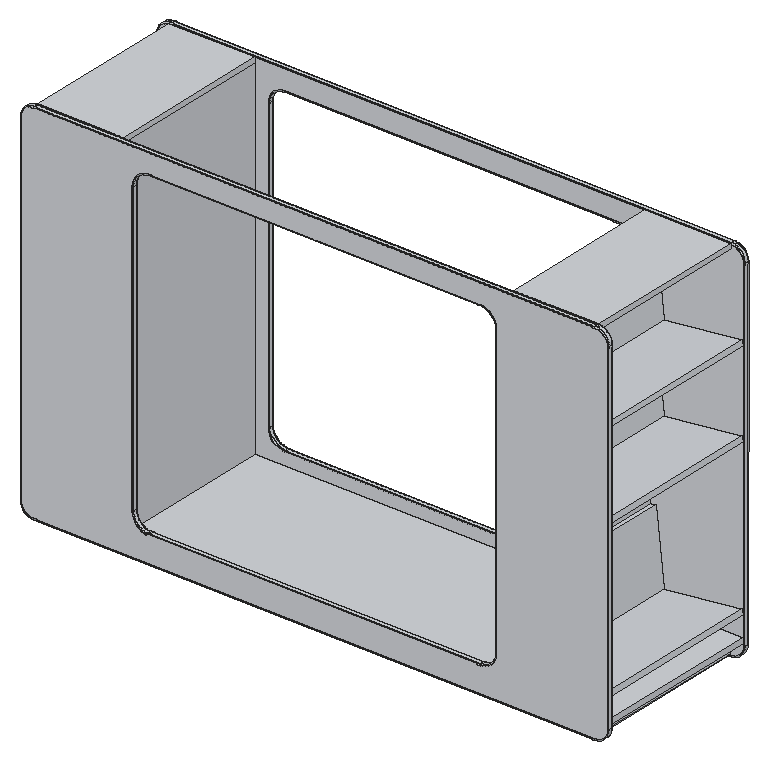
Revit family "PA067", category Furniture Systems, Revit 2019
Family settings
  Round Connector Dimension = Use Diameter
  Part Type = Normal
  Work Plane-Based = No
  Always vertical = Yes
  Cut with Voids When Loaded = No
  Shared = No
  Room Calculation Point = No
Parameters
  URL = "https://fomcore.com/"
  Model = "PA067"
  Manufacturer = "FOMCORE"
  Laminate = none
  Glide = black
  Description = "Nest Series - Nest Enclosure"
Reference planes (in)
  plane 1 "Center F/B": y = 0
  plane 2: z = 0
  plane 3 "Center L/R": x = 0
  plane 4: x = 43.15308
  plane 5: x = -42.92353
  plane 6: y = -12.82906
  plane 7: y = 12.82906
Forms (in)
  Extrusion 1, solid, material <- "Laminate"
    sketch origin (-78.78352, 0, 40.4259) x (1, 0, 0) y (0, 0, 1)
      loop
        line (108.95297, 11.03504) -> (108.20838, 10.94505) -> (108.35337, 9.74485) -> (108.38817, 9.71765) -> (108.66987, 9.75165) -> (108.71237, 9.39987) -> (108.43067, 9.36587) -> (108.40337, 9.33107) -> (109.58079, -0.41298) -> (112.58483, -0.05) -> (112.61212, -0.0152) -> (112.57803, 0.2665) -> (112.92982, 0.309) -> (112.96382, 0.0273) -> (112.99862, 0) -> (120.08933, 0.85681) -> (120.11653, 0.89161) -> (120.08254, 1.17321) -> (120.43432, 1.21581) -> (120.46832, 0.93411) -> (120.50312, 0.90681) -> (121.70332, 1.05181) -> (121.61331, 1.79641) -> (110.23541, 0.42159) -> (108.95297, 11.03504)
    from -12.00007 to 12
  Extrusion 2, solid, material <- "Laminate"
    sketch origin (-78.78352, 0, 27.82748) x (1, 0, 0) y (0, 0, 1)
      loop
        line (108.95297, 11.03504) -> (108.20838, 10.94505) -> (108.35337, 9.74485) -> (108.38817, 9.71765) -> (108.66987, 9.75165) -> (108.71237, 9.39987) -> (108.43067, 9.36587) -> (108.40337, 9.33107) -> (109.58079, -0.41298) -> (112.58483, -0.05) -> (112.61212, -0.0152) -> (112.57803, 0.2665) -> (112.92982, 0.309) -> (112.96382, 0.0273) -> (112.99862, 0) -> (120.08933, 0.85681) -> (120.11653, 0.89161) -> (120.08254, 1.17321) -> (120.43432, 1.21581) -> (120.46832, 0.93411) -> (120.50312, 0.90681) -> (121.70332, 1.05181) -> (121.61331, 1.79641) -> (110.23541, 0.42159) -> (108.95297, 11.03504)
    from -12.00007 to 12
  Extrusion 3, solid, material <- "Laminate"
    sketch origin (-78.78352, 0, 5.15051) x (1, 0, 0) y (0, 0, 1)
      loop
        line (108.95297, 11.03504) -> (108.20838, 10.94505) -> (108.35337, 9.74485) -> (108.38817, 9.71765) -> (108.66987, 9.75165) -> (108.71237, 9.39987) -> (108.43067, 9.36587) -> (108.40337, 9.33107) -> (109.58079, -0.41298) -> (112.58483, -0.05) -> (112.61212, -0.0152) -> (112.57803, 0.2665) -> (112.92982, 0.309) -> (112.96382, 0.0273) -> (112.99862, 0) -> (120.08933, 0.85681) -> (120.11653, 0.89161) -> (120.08254, 1.17321) -> (120.43432, 1.21581) -> (120.46832, 0.93411) -> (120.50312, 0.90681) -> (121.70332, 1.05181) -> (121.61331, 1.79641) -> (110.23541, 0.42159) -> (108.95297, 11.03504)
    from -12.00007 to 12
  Extrusion 4, solid, material <- "Laminate"
    sketch origin (0, 0, 41.29184) x (1, 0, 0) y (0, 0, 1)
      loop
        line (28.60765, 12.20808) -> (28.60765, -40.92373) -> (29.35765, -40.92373) -> (29.35765, 12.20808) -> (28.60765, 12.20808)
    from -12.00007 to 12
  Extrusion 5, solid, material <- "Laminate"
    sketch origin (78.93633, 0, 40.4259) x (-1, 0, 0) y (0, 0, -1)
      loop
        line (108.95297, -11.03504) -> (110.23541, -0.42159) -> (121.61331, -1.79641) -> (121.70332, -1.05181) -> (120.50312, -0.90681) -> (120.46832, -0.93411) -> (120.43432, -1.21581) -> (120.08254, -1.17321) -> (120.11653, -0.89161) -> (120.08933, -0.85681) -> (112.99862, 0) -> (112.96382, -0.0273) -> (112.92982, -0.309) -> (112.57803, -0.2665) -> (112.61212, 0.0152) -> (112.58483, 0.05) -> (109.58079, 0.41298) -> (108.40337, -9.33107) -> (108.43067, -9.36587) -> (108.71237, -9.39987) -> (108.66987, -9.75165) -> (108.38817, -9.71765) -> (108.35337, -9.74485) -> (108.20838, -10.94505) -> (108.95297, -11.03504)
    from -12.00007 to 12
  Extrusion 6, solid, material <- "Laminate"
    sketch origin (78.93633, 0, 27.82748) x (-1, 0, 0) y (0, 0, -1)
      loop
        line (108.95297, -11.03504) -> (110.23541, -0.42159) -> (121.61331, -1.79641) -> (121.70332, -1.05181) -> (120.50312, -0.90681) -> (120.46832, -0.93411) -> (120.43432, -1.21581) -> (120.08254, -1.17321) -> (120.11653, -0.89161) -> (120.08933, -0.85681) -> (112.99862, 0) -> (112.96382, -0.0273) -> (112.92982, -0.309) -> (112.57803, -0.2665) -> (112.61212, 0.0152) -> (112.58483, 0.05) -> (109.58079, 0.41298) -> (108.40337, -9.33107) -> (108.43067, -9.36587) -> (108.71237, -9.39987) -> (108.66987, -9.75165) -> (108.38817, -9.71765) -> (108.35337, -9.74485) -> (108.20838, -10.94505) -> (108.95297, -11.03504)
    from -12.00007 to 12
  Extrusion 7, solid, material <- "Laminate"
    sketch origin (78.93633, 0, 5.15051) x (-1, 0, 0) y (0, 0, -1)
      loop
        line (108.95297, -11.03504) -> (110.23541, -0.42159) -> (121.61331, -1.79641) -> (121.70332, -1.05181) -> (120.50312, -0.90681) -> (120.46832, -0.93411) -> (120.43432, -1.21581) -> (120.08254, -1.17321) -> (120.11653, -0.89161) -> (120.08933, -0.85681) -> (112.99862, 0) -> (112.96382, -0.0273) -> (112.92982, -0.309) -> (112.57803, -0.2665) -> (112.61212, 0.0152) -> (112.58483, 0.05) -> (109.58079, 0.41298) -> (108.40337, -9.33107) -> (108.43067, -9.36587) -> (108.71237, -9.39987) -> (108.66987, -9.75165) -> (108.38817, -9.71765) -> (108.35337, -9.74485) -> (108.20838, -10.94505) -> (108.95297, -11.03504)
    from -12.00007 to 12
  Extrusion 8, solid, material <- "Laminate"
    sketch origin (0.15281, 0, 41.29184) x (-1, 0, 0) y (0, 0, -1)
      loop
        line (28.60765, -12.20808) -> (29.35765, -12.20808) -> (29.35765, 40.92373) -> (28.60765, 40.92373) -> (28.60765, -12.20808)
    from -12.00007 to 12
  Extrusion 9, solid, material <- "Laminate"
    sketch origin (0, 0, 41.29184) x (1, 0, 0) y (0, 0, 1)
      loop
        line (28.58765, 12.95816) -> (28.58765, 12.20816) -> (41.12768, 12.20816) -> (41.12768, 12.95816) -> (28.58765, 12.95816)
    from -12.00007 to 12
  Extrusion 10, solid, material <- "Laminate"
    sketch origin (0.15281, 0, 41.29184) x (-1, 0, 0) y (0, 0, -1)
      loop
        line (28.58765, -12.95816) -> (41.12768, -12.95816) -> (41.12768, -12.20816) -> (28.58765, -12.20816) -> (28.58765, -12.95816)
    from -12.00007 to 12
  Extrusion 11, solid, material <- "Laminate"
    sketch origin (0, 0, 41.29184) x (1, 0, 0) y (0, 0, 1)
      loop
        line (42.98268, -38.04185) -> (29.35765, -38.04185) -> (29.35765, -38.79185) -> (40.23266, -38.79185) -> (40.23266, -40.92373) -> (40.98266, -40.92373) -> (40.98266, -38.79191) -> (42.98268, -38.79191) -> (42.98268, -38.04185)
    from -12.03135 to 12
  Extrusion 12, solid, material <- "Laminate"
    sketch origin (0.15281, 0, 41.29184) x (-1, 0, 0) y (0, 0, -1)
      loop
        line (42.98268, 38.04185) -> (42.98268, 38.79191) -> (40.98266, 38.79191) -> (40.98266, 40.92373) -> (40.23266, 40.92373) -> (40.23266, 38.79185) -> (29.35765, 38.79185) -> (29.35765, 38.04185) -> (42.98268, 38.04185)
    from -12.03135 to 12
  Extrusion 13, solid, material <- "Laminate"
    sketch origin (0, 0, 41.29184) x (1, 0, 0) y (0, 0, 1)
      loop
        line (28.60764, -39.04185) -> (-28.45485, -39.04185) -> (-28.45485, -41.04185) -> (-24.95485, -41.04185) -> (-24.95485, -39.79185) -> (-1.67361, -39.79185) -> (-1.67361, -41.04185) -> (1.8264, -41.04185) -> (1.8264, -39.79185) -> (25.10764, -39.79185) -> (25.10764, -41.04185) -> (28.60764, -41.04185) -> (28.60764, -39.04185)
    from -11.93563 to 12
  Extrusion 14, solid, material <- "Laminate"
    sketch origin (0.07639, -0.03219, -0.11811) x (1, 0, 0) y (0, 0, 1)
      loop
        arc (-42.87517, 2.25) -> (-42.32397, 0.9193) -> (-40.99328, 0.36811) r 1.88189
        line (-40.99328, 0.36811) -> (41.06873, 0.36811)
        arc (41.06873, 0.36811) -> (42.39942, 0.9193) -> (42.95061, 2.25) r 1.88189
        line (42.95061, 2.25) -> (42.95061, 52.375)
        arc (42.95061, 52.375) -> (42.39942, 53.7057) -> (41.06873, 54.25689) r 1.88189
        line (41.06873, 54.25689) -> (-40.99328, 54.25689)
        arc (-40.99328, 54.25689) -> (-42.32397, 53.7057) -> (-42.87517, 52.375) r 1.88189
        line (-42.87517, 52.375) -> (-42.87517, 2.25)
      loop
        arc (-26.58039, 6.5) -> (-25.88679, 4.82549) -> (-24.21228, 4.13189) r 2.36811
        line (-24.21228, 4.13189) -> (24.28772, 4.13189)
        arc (24.28772, 4.13189) -> (25.96223, 4.82549) -> (26.65583, 6.5) r 2.36811
        line (26.65583, 6.5) -> (26.65583, 49)
        arc (26.65583, 49) -> (25.96223, 50.67451) -> (24.28772, 51.36811) r 2.36811
        line (24.28772, 51.36811) -> (-24.21228, 51.36811)
        arc (-24.21228, 51.36811) -> (-25.88679, 50.67451) -> (-26.58039, 49) r 2.36811
        line (-26.58039, 49) -> (-26.58039, 6.5)
    from 12.04688 to 12.79687
  Sweep 15, solid, material <- "Laminate"
    path origin (0.07639, -12.82906, -0.11811) x (1, 0, 0) y (0, 0, 1)
      loop
        line (41.06873, 54.25689) -> (-40.99328, 54.25689)
        arc (-40.99328, 54.25689) -> (-42.32397, 53.7057) -> (-42.87517, 52.375) r 1.88189
        line (-42.87517, 52.375) -> (-42.87517, 2.25)
        arc (-42.87517, 2.25) -> (-42.32397, 0.9193) -> (-40.99328, 0.36811) r 1.88189
        line (-40.99328, 0.36811) -> (41.06873, 0.36811)
        arc (41.06873, 0.36811) -> (42.39942, 0.9193) -> (42.95061, 2.25) r 1.88189
        line (42.95061, 2.25) -> (42.95061, 52.375)
        arc (42.95061, 52.375) -> (42.39942, 53.7057) -> (41.06873, 54.25689) r 1.88189
    profile origin (0.11411, -12.82906, 54.13878) x (0, 0, -1) y (0, -1, 0)
      loop
        line (-0.11811, -0.11811) -> (-0.11811, -0.63189)
        arc (-0.11811, -0.63189) -> (-0.08352, -0.71541) -> (0, -0.75) r 0.11811
        line (0, -0.75) -> (0, 0)
        arc (0, 0) -> (-0.08352, -0.03459) -> (-0.11811, -0.11811) r 0.11811
  Sweep 16, solid, material <- "Laminate"
    path origin (0.07639, -12.82906, -0.11811) x (1, 0, 0) y (0, 0, 1)
      loop
        arc (-24.21228, 51.36811) -> (-25.88679, 50.67451) -> (-26.58039, 49) r 2.36811
        line (-26.58039, 49) -> (-26.58039, 6.5)
        arc (-26.58039, 6.5) -> (-25.88679, 4.82549) -> (-24.21228, 4.13189) r 2.36811
        line (-24.21228, 4.13189) -> (24.28772, 4.13189)
        arc (24.28772, 4.13189) -> (25.96223, 4.82549) -> (26.65583, 6.5) r 2.36811
        line (26.65583, 6.5) -> (26.65583, 49)
        arc (26.65583, 49) -> (25.96223, 50.67451) -> (24.28772, 51.36811) r 2.36811
        line (24.28772, 51.36811) -> (-24.21228, 51.36811)
    profile origin (0.11411, -12.82906, 51.25) x (0, 0, 1) y (0, -1, 0)
      loop
        line (-0.11811, -0.11811) -> (-0.11811, -0.63189)
        arc (-0.11811, -0.63189) -> (-0.08352, -0.7154) -> (0, -0.75) r 0.11811
        line (0, -0.75) -> (0, 0)
        arc (0, 0) -> (-0.08352, -0.03459) -> (-0.11811, -0.11811) r 0.11811
  Extrusion 17, solid, material <- "Laminate"
    sketch origin (0.07639, 0.03219, -0.11811) x (1, 0, 0) y (0, 0, -1)
      loop
        line (-42.87517, -2.25) -> (-42.87517, -52.375)
        arc (-42.87517, -52.375) -> (-42.32397, -53.7057) -> (-40.99328, -54.25689) r 1.88189
        line (-40.99328, -54.25689) -> (41.06873, -54.25689)
        arc (41.06873, -54.25689) -> (42.39942, -53.7057) -> (42.95061, -52.375) r 1.88189
        line (42.95061, -52.375) -> (42.95061, -2.25)
        arc (42.95061, -2.25) -> (42.39942, -0.9193) -> (41.06873, -0.36811) r 1.88189
        line (41.06873, -0.36811) -> (-40.99328, -0.36811)
        arc (-40.99328, -0.36811) -> (-42.32397, -0.9193) -> (-42.87517, -2.25) r 1.88189
      loop
        line (-26.58039, -6.5) -> (-26.58039, -49)
        arc (-26.58039, -49) -> (-25.88679, -50.67451) -> (-24.21228, -51.36811) r 2.36811
        line (-24.21228, -51.36811) -> (24.28772, -51.36811)
        arc (24.28772, -51.36811) -> (25.96223, -50.67451) -> (26.65583, -49) r 2.36811
        line (26.65583, -49) -> (26.65583, -6.5)
        arc (26.65583, -6.5) -> (25.96223, -4.82549) -> (24.28772, -4.13189) r 2.36811
        line (24.28772, -4.13189) -> (-24.21228, -4.13189)
        arc (-24.21228, -4.13189) -> (-25.88679, -4.82549) -> (-26.58039, -6.5) r 2.36811
    from 12.04688 to 12.79687
  Sweep 18, solid, material <- "Laminate"
    path origin (0.07639, 12.82906, -0.11811) x (1, 0, 0) y (0, 0, -1)
      loop
        arc (41.06873, -54.25689) -> (42.39942, -53.7057) -> (42.95061, -52.375) r 1.88189
        line (42.95061, -52.375) -> (42.95061, -2.25)
        arc (42.95061, -2.25) -> (42.39942, -0.9193) -> (41.06873, -0.36811) r 1.88189
        line (41.06873, -0.36811) -> (-40.99328, -0.36811)
        arc (-40.99328, -0.36811) -> (-42.32397, -0.9193) -> (-42.87517, -2.25) r 1.88189
        line (-42.87517, -2.25) -> (-42.87517, -52.375)
        arc (-42.87517, -52.375) -> (-42.32397, -53.7057) -> (-40.99328, -54.25689) r 1.88189
        line (-40.99328, -54.25689) -> (41.06873, -54.25689)
    profile origin (0.11411, 12.82906, 54.13878) x (0, 0, 1) y (0, 1, 0)
      loop
        arc (0.11811, -0.11811) -> (0.08352, -0.03459) -> (0, 0) r 0.11811
        line (0, 0) -> (0, -0.75)
        arc (0, -0.75) -> (0.08352, -0.71541) -> (0.11811, -0.63189) r 0.11811
        line (0.11811, -0.63189) -> (0.11811, -0.11811)
  Sweep 19, solid, material <- "Laminate"
    path origin (0.07639, 12.82906, -0.11811) x (1, 0, 0) y (0, 0, -1)
      loop
        line (-24.21228, -51.36811) -> (24.28772, -51.36811)
        arc (24.28772, -51.36811) -> (25.96223, -50.67451) -> (26.65583, -49) r 2.36811
        line (26.65583, -49) -> (26.65583, -6.5)
        arc (26.65583, -6.5) -> (25.96223, -4.82549) -> (24.28772, -4.13189) r 2.36811
        line (24.28772, -4.13189) -> (-24.21228, -4.13189)
        arc (-24.21228, -4.13189) -> (-25.88679, -4.82549) -> (-26.58039, -6.5) r 2.36811
        line (-26.58039, -6.5) -> (-26.58039, -49)
        arc (-26.58039, -49) -> (-25.88679, -50.67451) -> (-24.21228, -51.36811) r 2.36811
    profile origin (0.11411, 12.82906, 51.25) x (0, 0, -1) y (0, 1, 0)
      loop
        arc (0.11811, -0.11811) -> (0.08352, -0.03459) -> (0, 0) r 0.11811
        line (0, 0) -> (0, -0.75)
        arc (0, -0.75) -> (0.08352, -0.7154) -> (0.11811, -0.63189) r 0.11811
        line (0.11811, -0.63189) -> (0.11811, -0.11811)
  Extrusion 20, solid, material <- "Laminate"
    sketch origin (0, 0, 41.29184) x (1, 0, 0) y (0, 0, 1)
      loop
        line (28.72576, -41.04185) -> (29.23955, -41.04185)
        arc (29.23955, -41.04185) -> (29.32307, -41.00725) -> (29.35765, -40.92373) r 0.1181
        line (29.35765, -40.92373) -> (28.60765, -40.92373)
        arc (28.60765, -40.92373) -> (28.64225, -41.00725) -> (28.72576, -41.04185) r 0.11811
    from -12.00007 to 12
  Extrusion 21, solid, material <- "Laminate"
    sketch origin (0, 0, 41.29184) x (1, 0, 0) y (0, 0, 1)
      loop
        arc (40.23266, -40.92373) -> (40.26725, -41.00725) -> (40.35077, -41.04185) r 0.11811
        line (40.35077, -41.04185) -> (40.86455, -41.04185)
        arc (40.86455, -41.04185) -> (40.94806, -41.00725) -> (40.98266, -40.92373) r 0.11811
        line (40.98266, -40.92373) -> (40.23266, -40.92373)
    from -12.03135 to 12
  Extrusion 22, solid, material <- "Laminate"
    sketch origin (0.15281, 0, 41.29184) x (-1, 0, 0) y (0, 0, -1)
      loop
        arc (28.72576, 41.04185) -> (28.64225, 41.00725) -> (28.60765, 40.92373) r 0.11811
        line (28.60765, 40.92373) -> (29.35765, 40.92373)
        arc (29.35765, 40.92373) -> (29.32307, 41.00725) -> (29.23955, 41.04185) r 0.1181
        line (29.23955, 41.04185) -> (28.72576, 41.04185)
    from -12.00007 to 12
  Extrusion 23, solid, material <- "Laminate"
    sketch origin (0.15281, 0, 41.29184) x (-1, 0, 0) y (0, 0, -1)
      loop
        line (40.23266, 40.92373) -> (40.98266, 40.92373)
        arc (40.98266, 40.92373) -> (40.94806, 41.00725) -> (40.86455, 41.04185) r 0.11811
        line (40.86455, 41.04185) -> (40.35077, 41.04185)
        arc (40.35077, 41.04185) -> (40.26725, 41.00725) -> (40.23266, 40.92373) r 0.11811
    from -12.03135 to 12
  Extrusion 24, solid, material "black" <- "Glide"
    sketch origin (62.52707, -20.45915, 1.47942) x (1, 0, 0) y (0, 1, 0)
      loop
        line (-22.28824, 30.20603) -> (-22.28824, 32.10248) -> (-22.64177, 32.45601) -> (-24.53823, 32.45601) -> (-22.28824, 30.20603)
    from -1.02991 to -0.94992
  Extrusion 25, solid, material "black" <- "Glide"
    sketch origin (62.52707, -20.45915, 1.47942) x (1, 0, 0) y (0, 0, 1)
      loop
        line (-24.53821, -0.39997) -> (-24.53821, -0.93432)
        arc (-24.53821, -0.93432) -> (-24.51022, -1.00191) -> (-24.44263, -1.02991) r 0.09559
        line (-24.44263, -1.02991) -> (-22.64177, -1.02991) -> (-22.64177, -0.39997) -> (-23.0418, 0) -> (-24.13819, 0) -> (-24.53821, -0.39997)
    from -32.45601 to -32.376
  Extrusion 26, solid, material "black" <- "Glide"
    sketch origin (62.52707, -20.45915, 1.47942) x (0, 1, 0) y (0, 0, 1)
      loop
        line (32.10248, -0.39997) -> (31.70245, 0) -> (30.60606, 0) -> (30.20603, -0.39997) -> (30.20603, -0.9343)
        arc (30.20603, -0.9343) -> (30.23404, -1.0019) -> (30.30164, -1.02991) r 0.0956
        line (30.30164, -1.02991) -> (32.10248, -1.02991) -> (32.10248, -0.39997)
    from -22.36824 to -22.28824
  Extrusion 27, solid, material "black" <- "Glide"
    sketch origin (62.52707, -20.45915, 0.5295) x (1, 0, 0) y (0, 1, 0)
      loop
        line (-23.06818, 31.83228) -> (-23.17869, 31.78649) -> (-23.22449, 31.67607) -> (-23.17869, 31.56557) -> (-23.06818, 31.51977) -> (-22.95776, 31.56557) -> (-22.91196, 31.67607) -> (-22.95776, 31.78649) -> (-23.06818, 31.83228)
    from 0.12004 to 0.84492
  Extrusion 28, solid, material "black" <- "Glide"
    sketch origin (62.52707, -20.45915, 0.5295) x (1, 0, 0) y (0, 1, 0)
      loop
        line (-23.24321, 31.67606) -> (-23.19201, 31.55225) -> (-23.0682, 31.50105) -> (-22.9445, 31.55225) -> (-22.8933, 31.67595) -> (-22.9445, 31.79976) -> (-23.06831, 31.85096) -> (-23.19201, 31.79976) -> (-23.24321, 31.67606)
    from 0.09374 to 0.12004
  Blend 29, solid, material "black" <- "Glide"
    base sketch origin (62.52707, -20.45915, 0.5295) x (1, 0, 0) y (0, 1, 0)
      loop
        line (-23.0682, 31.40733) -> (-22.87818, 31.48603) -> (-22.79949, 31.67606) -> (-22.87818, 31.86607) -> (-23.0682, 31.94477) -> (-23.25823, 31.86607) -> (-23.33693, 31.67606) -> (-23.25823, 31.48603) -> (-23.0682, 31.40733)
    top sketch origin (62.52707, -20.45915, 0.5295) x (1, 0, 0) y (0, 1, 0)
      loop
        line (-23.0682, 31.50105) -> (-22.9445, 31.55225) -> (-22.8933, 31.67595) -> (-22.9445, 31.79976) -> (-23.06831, 31.85096) -> (-23.19201, 31.79976) -> (-23.24321, 31.67606) -> (-23.19201, 31.55225) -> (-23.0682, 31.50105)
    from 0 to 0.09374
  Extrusion 30, solid, material "black" <- "Glide"
    sketch origin (62.52707, -20.45915, 0.5295) x (1, 0, 0) y (0, 1, 0)
      loop
        line (-23.38081, 31.49585) -> (-23.06847, 31.31515) -> (-22.75585, 31.49536) -> (-22.75556, 31.85619) -> (-23.06798, 32.03691) -> (-23.38061, 31.85669) -> (-23.38081, 31.49585)
    from -0.01209 to -0.28452
  Blend 31, solid, material "black" <- "Glide"
    base sketch origin (62.52707, -20.45915, 0.5295) x (1, 0, 0) y (0, 1, 0)
      loop
        line (-23.56821, 31.67607) -> (-23.42181, 31.32245) -> (-23.06818, 31.17603) -> (-22.71464, 31.32245) -> (-22.56824, 31.67607) -> (-22.71464, 32.0296) -> (-23.06818, 32.17602) -> (-23.42181, 32.0296) -> (-23.56821, 31.67607)
    top sketch origin (62.52707, -20.45915, 0.5295) x (1, 0, 0) y (0, 1, 0)
      loop
        line (-23.06818, 32.05351) -> (-23.3352, 31.94299) -> (-23.4457, 31.67607) -> (-23.3352, 31.40906) -> (-23.06818, 31.29854) -> (-22.80127, 31.40906) -> (-22.69075, 31.67607) -> (-22.80127, 31.94299) -> (-23.06818, 32.05351)
    from -0.40696 to -0.28452
  Blend 32, solid, material "black" <- "Glide"
    base sketch origin (62.52707, -20.45915, 0.12254) x (0, 1, 0) y (-1, 0, 0)
      loop
        line (32.0296, 23.42181) -> (31.67607, 23.56821) -> (31.32245, 23.42181) -> (31.17603, 23.06818) -> (31.32245, 22.71464) -> (31.67607, 22.56824) -> (32.0296, 22.71464) -> (32.17602, 23.06818) -> (32.0296, 23.42181)
    top sketch origin (62.52707, -20.45915, 0.12254) x (0, 1, 0) y (-1, 0, 0)
      loop
        line (31.94299, 22.80127) -> (32.05351, 23.06818) -> (31.94299, 23.3352) -> (31.67607, 23.4457) -> (31.40906, 23.3352) -> (31.29854, 23.06818) -> (31.40899, 22.80129) -> (31.67607, 22.69075) -> (31.94299, 22.80127)
    from 0 to -0.12254
  Extrusion 33, solid, material "black" <- "Glide"
    sketch origin (62.52707, 20.39478, 1.47942) x (1, 0, 0) y (0, 1, 0)
      loop
        line (-22.28824, -30.20603) -> (-24.53823, -32.45601) -> (-22.64177, -32.45601) -> (-22.28824, -32.10248) -> (-22.28824, -30.20603)
    from -1.02991 to -0.94992
  Extrusion 34, solid, material "black" <- "Glide"
    sketch origin (62.52707, 20.39478, 1.47942) x (1, 0, 0) y (0, 0, -1)
      loop
        line (-24.53821, 0.39997) -> (-24.13819, 0) -> (-23.0418, 0) -> (-22.64177, 0.39997) -> (-22.64177, 1.02991) -> (-24.44263, 1.02991)
        arc (-24.44263, 1.02991) -> (-24.51022, 1.00191) -> (-24.53821, 0.93432) r 0.09559
        line (-24.53821, 0.93432) -> (-24.53821, 0.39997)
    from -32.45601 to -32.376
  Extrusion 35, solid, material "black" <- "Glide"
    sketch origin (62.52707, 20.39478, 1.47942) x (0, -1, 0) y (0, 0, -1)
      loop
        line (32.10248, 0.39997) -> (32.10248, 1.02991) -> (30.30164, 1.02991)
        arc (30.30164, 1.02991) -> (30.23404, 1.0019) -> (30.20603, 0.9343) r 0.0956
        line (30.20603, 0.9343) -> (30.20603, 0.39997) -> (30.60606, 0) -> (31.70245, 0) -> (32.10248, 0.39997)
    from -22.36824 to -22.28824
  Extrusion 36, solid, material "black" <- "Glide"
    sketch origin (62.52707, 20.39478, 0.5295) x (1, 0, 0) y (0, 1, 0)
      loop
        line (-23.06818, -31.83228) -> (-22.95776, -31.78649) -> (-22.91196, -31.67607) -> (-22.95776, -31.56557) -> (-23.06818, -31.51977) -> (-23.17869, -31.56557) -> (-23.22449, -31.67607) -> (-23.17869, -31.78649) -> (-23.06818, -31.83228)
    from 0.12004 to 0.84492
  Extrusion 37, solid, material "black" <- "Glide"
    sketch origin (62.52707, 20.39478, 0.5295) x (1, 0, 0) y (0, 1, 0)
      loop
        line (-23.24321, -31.67606) -> (-23.19201, -31.79976) -> (-23.06831, -31.85096) -> (-22.9445, -31.79976) -> (-22.8933, -31.67595) -> (-22.9445, -31.55225) -> (-23.0682, -31.50105) -> (-23.19201, -31.55225) -> (-23.24321, -31.67606)
    from 0.09374 to 0.12004
  Blend 38, solid, material "black" <- "Glide"
    base sketch origin (62.52707, 20.39478, 0.5295) x (1, 0, 0) y (0, 1, 0)
      loop
        line (-23.0682, -31.40733) -> (-23.25823, -31.48603) -> (-23.33693, -31.67606) -> (-23.25823, -31.86607) -> (-23.0682, -31.94477) -> (-22.87818, -31.86607) -> (-22.79949, -31.67606) -> (-22.87818, -31.48603) -> (-23.0682, -31.40733)
    top sketch origin (62.52707, 20.39478, 0.5295) x (1, 0, 0) y (0, 1, 0)
      loop
        line (-23.0682, -31.50105) -> (-23.19201, -31.55225) -> (-23.24321, -31.67606) -> (-23.19201, -31.79976) -> (-23.06831, -31.85096) -> (-22.9445, -31.79976) -> (-22.8933, -31.67595) -> (-22.9445, -31.55225) -> (-23.0682, -31.50105)
    from 0 to 0.09374
  Extrusion 39, solid, material "black" <- "Glide"
    sketch origin (62.52707, 20.39478, 0.5295) x (1, 0, 0) y (0, 1, 0)
      loop
        line (-23.38081, -31.49585) -> (-23.38061, -31.85669) -> (-23.06798, -32.03691) -> (-22.75556, -31.85619) -> (-22.75585, -31.49536) -> (-23.06847, -31.31515) -> (-23.38081, -31.49585)
    from -0.01209 to -0.28452
  Blend 40, solid, material "black" <- "Glide"
    base sketch origin (62.52707, 20.39478, 0.5295) x (1, 0, 0) y (0, 1, 0)
      loop
        line (-23.56821, -31.67607) -> (-23.42181, -32.0296) -> (-23.06818, -32.17602) -> (-22.71464, -32.0296) -> (-22.56824, -31.67607) -> (-22.71464, -31.32245) -> (-23.06818, -31.17603) -> (-23.42181, -31.32245) -> (-23.56821, -31.67607)
    top sketch origin (62.52707, 20.39478, 0.5295) x (1, 0, 0) y (0, 1, 0)
      loop
        line (-23.06818, -32.05351) -> (-22.80127, -31.94299) -> (-22.69075, -31.67607) -> (-22.80127, -31.40906) -> (-23.06818, -31.29854) -> (-23.3352, -31.40906) -> (-23.4457, -31.67607) -> (-23.3352, -31.94299) -> (-23.06818, -32.05351)
    from -0.40696 to -0.28452
  Extrusion 41, solid, material "black" <- "Glide"
    sketch origin (-62.36809, -20.45675, 1.47942) x (-1, 0, 0) y (0, -1, 0)
      loop
        line (-22.28824, -30.20603) -> (-24.53823, -32.45601) -> (-22.64177, -32.45601) -> (-22.28824, -32.10248) -> (-22.28824, -30.20603)
    from -1.02991 to -0.94992
  Extrusion 42, solid, material "black" <- "Glide"
    sketch origin (-62.36809, -20.45675, 1.47942) x (-1, 0, 0) y (0, 0, -1)
      loop
        line (-24.53821, 0.39997) -> (-24.13819, 0) -> (-23.0418, 0) -> (-22.64177, 0.39997) -> (-22.64177, 1.02991) -> (-24.44263, 1.02991)
        arc (-24.44263, 1.02991) -> (-24.51022, 1.00191) -> (-24.53821, 0.93432) r 0.09559
        line (-24.53821, 0.93432) -> (-24.53821, 0.39997)
    from -32.45601 to -32.376
  Extrusion 43, solid, material "black" <- "Glide"
    sketch origin (-62.36809, -20.45675, 1.47942) x (0, 1, 0) y (0, 0, -1)
      loop
        line (32.10248, 0.39997) -> (32.10248, 1.02991) -> (30.30164, 1.02991)
        arc (30.30164, 1.02991) -> (30.23404, 1.0019) -> (30.20603, 0.9343) r 0.0956
        line (30.20603, 0.9343) -> (30.20603, 0.39997) -> (30.60606, 0) -> (31.70245, 0) -> (32.10248, 0.39997)
    from -22.36824 to -22.28824
  Extrusion 44, solid, material "black" <- "Glide"
    sketch origin (-62.36809, -20.45675, 0.5295) x (-1, 0, 0) y (0, -1, 0)
      loop
        line (-23.06818, -31.83228) -> (-22.95776, -31.78649) -> (-22.91196, -31.67607) -> (-22.95776, -31.56557) -> (-23.06818, -31.51977) -> (-23.17869, -31.56557) -> (-23.22449, -31.67607) -> (-23.17869, -31.78649) -> (-23.06818, -31.83228)
    from 0.12004 to 0.84492
  Extrusion 45, solid, material "black" <- "Glide"
    sketch origin (-62.36809, -20.45675, 0.5295) x (-1, 0, 0) y (0, -1, 0)
      loop
        line (-23.24321, -31.67606) -> (-23.19201, -31.79976) -> (-23.06831, -31.85096) -> (-22.9445, -31.79976) -> (-22.8933, -31.67595) -> (-22.9445, -31.55225) -> (-23.0682, -31.50105) -> (-23.19201, -31.55225) -> (-23.24321, -31.67606)
    from 0.09374 to 0.12004
  Blend 46, solid, material "black" <- "Glide"
    base sketch origin (-62.36809, -20.45675, 0.5295) x (-1, 0, 0) y (0, -1, 0)
      loop
        line (-23.0682, -31.40733) -> (-23.25823, -31.48603) -> (-23.33693, -31.67606) -> (-23.25823, -31.86607) -> (-23.0682, -31.94477) -> (-22.87818, -31.86607) -> (-22.79949, -31.67606) -> (-22.87818, -31.48603) -> (-23.0682, -31.40733)
    top sketch origin (-62.36809, -20.45675, 0.5295) x (-1, 0, 0) y (0, -1, 0)
      loop
        line (-23.0682, -31.50105) -> (-23.19201, -31.55225) -> (-23.24321, -31.67606) -> (-23.19201, -31.79976) -> (-23.06831, -31.85096) -> (-22.9445, -31.79976) -> (-22.8933, -31.67595) -> (-22.9445, -31.55225) -> (-23.0682, -31.50105)
    from 0 to 0.09374
  Extrusion 47, solid, material "black" <- "Glide"
    sketch origin (-62.36809, -20.45675, 0.5295) x (-1, 0, 0) y (0, -1, 0)
      loop
        line (-23.38081, -31.49585) -> (-23.38061, -31.85669) -> (-23.06798, -32.03691) -> (-22.75556, -31.85619) -> (-22.75585, -31.49536) -> (-23.06847, -31.31515) -> (-23.38081, -31.49585)
    from -0.01209 to -0.28452
  Blend 48, solid, material "black" <- "Glide"
    base sketch origin (-62.36809, -20.45675, 0.5295) x (-1, 0, 0) y (0, -1, 0)
      loop
        line (-23.56821, -31.67607) -> (-23.42181, -32.0296) -> (-23.06818, -32.17602) -> (-22.71464, -32.0296) -> (-22.56824, -31.67607) -> (-22.71464, -31.32245) -> (-23.06818, -31.17603) -> (-23.42181, -31.32245) -> (-23.56821, -31.67607)
    top sketch origin (-62.36809, -20.45675, 0.5295) x (-1, 0, 0) y (0, -1, 0)
      loop
        line (-23.06818, -32.05351) -> (-22.80127, -31.94299) -> (-22.69075, -31.67607) -> (-22.80127, -31.40906) -> (-23.06818, -31.29854) -> (-23.3352, -31.40906) -> (-23.4457, -31.67607) -> (-23.3352, -31.94299) -> (-23.06818, -32.05351)
    from -0.40696 to -0.28452
  Extrusion 49, solid, material "black" <- "Glide"
    sketch origin (-62.36566, 20.39261, 1.47942) x (-1, 0, 0) y (0, -1, 0)
      loop
        line (-22.28824, 30.20603) -> (-22.28824, 32.10248) -> (-22.64177, 32.45601) -> (-24.53823, 32.45601) -> (-22.28824, 30.20603)
    from -1.02991 to -0.94992
  Extrusion 50, solid, material "black" <- "Glide"
    sketch origin (-62.36566, 20.39261, 1.47942) x (-1, 0, 0) y (0, 0, 1)
      loop
        line (-24.53821, -0.39997) -> (-24.53821, -0.93432)
        arc (-24.53821, -0.93432) -> (-24.51022, -1.00191) -> (-24.44263, -1.02991) r 0.09559
        line (-24.44263, -1.02991) -> (-22.64177, -1.02991) -> (-22.64177, -0.39997) -> (-23.0418, 0) -> (-24.13819, 0) -> (-24.53821, -0.39997)
    from -32.45601 to -32.376
  Extrusion 51, solid, material "black" <- "Glide"
    sketch origin (-62.36566, 20.39261, 1.47942) x (0, -1, 0) y (0, 0, 1)
      loop
        line (32.10248, -0.39997) -> (31.70245, 0) -> (30.60606, 0) -> (30.20603, -0.39997) -> (30.20603, -0.9343)
        arc (30.20603, -0.9343) -> (30.23404, -1.0019) -> (30.30164, -1.02991) r 0.0956
        line (30.30164, -1.02991) -> (32.10248, -1.02991) -> (32.10248, -0.39997)
    from -22.36824 to -22.28824
  Extrusion 52, solid, material "black" <- "Glide"
    sketch origin (-62.36566, 20.39261, 0.5295) x (-1, 0, 0) y (0, -1, 0)
      loop
        line (-23.06818, 31.83228) -> (-23.17869, 31.78649) -> (-23.22449, 31.67607) -> (-23.17869, 31.56557) -> (-23.06818, 31.51977) -> (-22.95776, 31.56557) -> (-22.91196, 31.67607) -> (-22.95776, 31.78649) -> (-23.06818, 31.83228)
    from 0.12004 to 0.84492
  Extrusion 53, solid, material "black" <- "Glide"
    sketch origin (-62.36566, 20.39261, 0.5295) x (-1, 0, 0) y (0, -1, 0)
      loop
        line (-23.24321, 31.67606) -> (-23.19201, 31.55225) -> (-23.0682, 31.50105) -> (-22.9445, 31.55225) -> (-22.8933, 31.67595) -> (-22.9445, 31.79976) -> (-23.06831, 31.85096) -> (-23.19201, 31.79976) -> (-23.24321, 31.67606)
    from 0.09374 to 0.12004
  Blend 54, solid, material "black" <- "Glide"
    base sketch origin (-62.36566, 20.39261, 0.5295) x (-1, 0, 0) y (0, -1, 0)
      loop
        line (-23.0682, 31.40733) -> (-22.87818, 31.48603) -> (-22.79949, 31.67606) -> (-22.87818, 31.86607) -> (-23.0682, 31.94477) -> (-23.25823, 31.86607) -> (-23.33693, 31.67606) -> (-23.25823, 31.48603) -> (-23.0682, 31.40733)
    top sketch origin (-62.36566, 20.39261, 0.5295) x (-1, 0, 0) y (0, -1, 0)
      loop
        line (-23.0682, 31.50105) -> (-22.9445, 31.55225) -> (-22.8933, 31.67595) -> (-22.9445, 31.79976) -> (-23.06831, 31.85096) -> (-23.19201, 31.79976) -> (-23.24321, 31.67606) -> (-23.19201, 31.55225) -> (-23.0682, 31.50105)
    from 0 to 0.09374
  Extrusion 55, solid, material "black" <- "Glide"
    sketch origin (-62.36566, 20.39261, 0.5295) x (-1, 0, 0) y (0, -1, 0)
      loop
        line (-23.38081, 31.49585) -> (-23.06847, 31.31515) -> (-22.75585, 31.49536) -> (-22.75556, 31.85619) -> (-23.06798, 32.03691) -> (-23.38061, 31.85669) -> (-23.38081, 31.49585)
    from -0.01209 to -0.28452
  Blend 56, solid, material "black" <- "Glide"
    base sketch origin (-62.36566, 20.39408, 0.5295) x (-1, 0, 0) y (0, -1, 0)
      loop
        line (-23.56821, 31.67607) -> (-23.42181, 31.32245) -> (-23.06818, 31.17603) -> (-22.71464, 31.32245) -> (-22.56824, 31.67607) -> (-22.71464, 32.0296) -> (-23.06818, 32.17602) -> (-23.42181, 32.0296) -> (-23.56821, 31.67607)
    top sketch origin (-62.36566, 20.39408, 0.5295) x (-1, 0, 0) y (0, -1, 0)
      loop
        line (-23.06818, 32.05351) -> (-23.3352, 31.94299) -> (-23.4457, 31.67607) -> (-23.3352, 31.40906) -> (-23.06818, 31.29854) -> (-22.80127, 31.40906) -> (-22.69075, 31.67607) -> (-22.80127, 31.94299) -> (-23.06818, 32.05351)
    from -0.40696 to -0.28452
  Extrusion 57, solid, material "black" <- "Glide"
    sketch origin (-20.46053, -20.4569, 1.47942) x (-1, 0, 0) y (0, -1, 0)
      loop
        line (-22.28824, -30.20603) -> (-24.53823, -32.45601) -> (-22.64177, -32.45601) -> (-22.28824, -32.10248) -> (-22.28824, -30.20603)
    from -1.02991 to -0.94992
  Extrusion 58, solid, material "black" <- "Glide"
    sketch origin (-20.46053, -20.4569, 1.47942) x (-1, 0, 0) y (0, 0, -1)
      loop
        line (-24.53821, 0.39997) -> (-24.13819, 0) -> (-23.0418, 0) -> (-22.64177, 0.39997) -> (-22.64177, 1.02991) -> (-24.44263, 1.02991)
        arc (-24.44263, 1.02991) -> (-24.51022, 1.00191) -> (-24.53821, 0.93432) r 0.09559
        line (-24.53821, 0.93432) -> (-24.53821, 0.39997)
    from -32.45601 to -32.376
  Extrusion 59, solid, material "black" <- "Glide"
    sketch origin (-20.46053, -20.4569, 1.47942) x (0, 1, 0) y (0, 0, -1)
      loop
        line (32.10248, 0.39997) -> (32.10248, 1.02991) -> (30.30164, 1.02991)
        arc (30.30164, 1.02991) -> (30.23404, 1.0019) -> (30.20603, 0.9343) r 0.0956
        line (30.20603, 0.9343) -> (30.20603, 0.39997) -> (30.60606, 0) -> (31.70245, 0) -> (32.10248, 0.39997)
    from -22.36824 to -22.28824
  Extrusion 60, solid, material "black" <- "Glide"
    sketch origin (-20.46053, -20.4569, 0.5295) x (-1, 0, 0) y (0, -1, 0)
      loop
        line (-23.06818, -31.83228) -> (-22.95776, -31.78649) -> (-22.91196, -31.67607) -> (-22.95776, -31.56557) -> (-23.06818, -31.51977) -> (-23.17869, -31.56557) -> (-23.22449, -31.67607) -> (-23.17869, -31.78649) -> (-23.06818, -31.83228)
    from 0.12004 to 0.84492
  Extrusion 61, solid, material "black" <- "Glide"
    sketch origin (-20.46053, -20.4569, 0.5295) x (-1, 0, 0) y (0, -1, 0)
      loop
        line (-23.24321, -31.67606) -> (-23.19201, -31.79976) -> (-23.06831, -31.85096) -> (-22.9445, -31.79976) -> (-22.8933, -31.67595) -> (-22.9445, -31.55225) -> (-23.0682, -31.50105) -> (-23.19201, -31.55225) -> (-23.24321, -31.67606)
    from 0.09374 to 0.12004
  Blend 62, solid, material "black" <- "Glide"
    base sketch origin (-20.46053, -20.4569, 0.5295) x (-1, 0, 0) y (0, -1, 0)
      loop
        line (-23.0682, -31.40733) -> (-23.25823, -31.48603) -> (-23.33693, -31.67606) -> (-23.25823, -31.86607) -> (-23.0682, -31.94477) -> (-22.87818, -31.86607) -> (-22.79949, -31.67606) -> (-22.87818, -31.48603) -> (-23.0682, -31.40733)
    top sketch origin (-20.46053, -20.4569, 0.5295) x (-1, 0, 0) y (0, -1, 0)
      loop
        line (-23.0682, -31.50105) -> (-23.19201, -31.55225) -> (-23.24321, -31.67606) -> (-23.19201, -31.79976) -> (-23.06831, -31.85096) -> (-22.9445, -31.79976) -> (-22.8933, -31.67595) -> (-22.9445, -31.55225) -> (-23.0682, -31.50105)
    from 0 to 0.09374
  Extrusion 63, solid, material "black" <- "Glide"
    sketch origin (-20.46053, -20.4569, 0.5295) x (-1, 0, 0) y (0, -1, 0)
      loop
        line (-23.38081, -31.49585) -> (-23.38061, -31.85669) -> (-23.06798, -32.03691) -> (-22.75556, -31.85619) -> (-22.75585, -31.49536) -> (-23.06847, -31.31515) -> (-23.38081, -31.49585)
    from -0.01209 to -0.28452
  Blend 64, solid, material "black" <- "Glide"
    base sketch origin (-20.46053, -20.4569, 0.5295) x (-1, 0, 0) y (0, -1, 0)
      loop
        line (-23.56821, -31.67607) -> (-23.42181, -32.0296) -> (-23.06818, -32.17602) -> (-22.71464, -32.0296) -> (-22.56824, -31.67607) -> (-22.71464, -31.32245) -> (-23.06818, -31.17603) -> (-23.42181, -31.32245) -> (-23.56821, -31.67607)
    top sketch origin (-20.46053, -20.4569, 0.5295) x (-1, 0, 0) y (0, -1, 0)
      loop
        line (-23.06818, -32.05351) -> (-22.80127, -31.94299) -> (-22.69075, -31.67607) -> (-22.80127, -31.40906) -> (-23.06818, -31.29854) -> (-23.3352, -31.40906) -> (-23.4457, -31.67607) -> (-23.3352, -31.94299) -> (-23.06818, -32.05351)
    from -0.40696 to -0.28452
  Extrusion 65, solid, material "black" <- "Glide"
    sketch origin (20.61609, 20.39478, 1.5) x (1, 0, 0) y (0, 1, 0)
      loop
        line (-22.28824, -30.20603) -> (-24.53823, -32.45601) -> (-22.64177, -32.45601) -> (-22.28824, -32.10248) -> (-22.28824, -30.20603)
    from -1.02991 to -0.94992
  Extrusion 66, solid, material "black" <- "Glide"
    sketch origin (20.61609, 20.39478, 1.5) x (1, 0, 0) y (0, 0, -1)
      loop
        line (-24.53821, 0.39997) -> (-24.13819, 0) -> (-23.0418, 0) -> (-22.64177, 0.39997) -> (-22.64177, 1.02991) -> (-24.44263, 1.02991)
        arc (-24.44263, 1.02991) -> (-24.51022, 1.00191) -> (-24.53821, 0.93432) r 0.09559
        line (-24.53821, 0.93432) -> (-24.53821, 0.39997)
    from -32.45601 to -32.376
  Extrusion 67, solid, material "black" <- "Glide"
    sketch origin (20.61609, 20.39478, 1.5) x (0, -1, 0) y (0, 0, -1)
      loop
        line (32.10248, 0.39997) -> (32.10248, 1.02991) -> (30.30164, 1.02991)
        arc (30.30164, 1.02991) -> (30.23404, 1.0019) -> (30.20603, 0.9343) r 0.0956
        line (30.20603, 0.9343) -> (30.20603, 0.39997) -> (30.60606, 0) -> (31.70245, 0) -> (32.10248, 0.39997)
    from -22.36824 to -22.28824
  Extrusion 68, solid, material "black" <- "Glide"
    sketch origin (20.61609, 20.39478, 0.55008) x (1, 0, 0) y (0, 1, 0)
      loop
        line (-23.06818, -31.83228) -> (-22.95776, -31.78649) -> (-22.91196, -31.67607) -> (-22.95776, -31.56557) -> (-23.06818, -31.51977) -> (-23.17869, -31.56557) -> (-23.22449, -31.67607) -> (-23.17869, -31.78649) -> (-23.06818, -31.83228)
    from 0.12004 to 0.84492
  Extrusion 69, solid, material "black" <- "Glide"
    sketch origin (20.61609, 20.39478, 0.55008) x (1, 0, 0) y (0, 1, 0)
      loop
        line (-23.24321, -31.67606) -> (-23.19201, -31.79976) -> (-23.06831, -31.85096) -> (-22.9445, -31.79976) -> (-22.8933, -31.67595) -> (-22.9445, -31.55225) -> (-23.0682, -31.50105) -> (-23.19201, -31.55225) -> (-23.24321, -31.67606)
    from 0.09374 to 0.12004
  Blend 70, solid, material "black" <- "Glide"
    base sketch origin (20.61609, 20.39478, 0.55008) x (1, 0, 0) y (0, 1, 0)
      loop
        line (-23.0682, -31.40733) -> (-23.25823, -31.48603) -> (-23.33693, -31.67606) -> (-23.25823, -31.86607) -> (-23.0682, -31.94477) -> (-22.87818, -31.86607) -> (-22.79949, -31.67606) -> (-22.87818, -31.48603) -> (-23.0682, -31.40733)
    top sketch origin (20.61609, 20.39478, 0.55008) x (1, 0, 0) y (0, 1, 0)
      loop
        line (-23.0682, -31.50105) -> (-23.19201, -31.55225) -> (-23.24321, -31.67606) -> (-23.19201, -31.79976) -> (-23.06831, -31.85096) -> (-22.9445, -31.79976) -> (-22.8933, -31.67595) -> (-22.9445, -31.55225) -> (-23.0682, -31.50105)
    from 0 to 0.09374
  Extrusion 71, solid, material "black" <- "Glide"
    sketch origin (20.61609, 20.39478, 0.55008) x (1, 0, 0) y (0, 1, 0)
      loop
        line (-23.38081, -31.49585) -> (-23.38061, -31.85669) -> (-23.06798, -32.03691) -> (-22.75556, -31.85619) -> (-22.75585, -31.49536) -> (-23.06847, -31.31515) -> (-23.38081, -31.49585)
    from -0.01209 to -0.28452
  Blend 72, solid, material "black" <- "Glide"
    base sketch origin (20.61609, 20.39478, 0.55008) x (1, 0, 0) y (0, 1, 0)
      loop
        line (-23.56821, -31.67607) -> (-23.42181, -32.0296) -> (-23.06818, -32.17602) -> (-22.71464, -32.0296) -> (-22.56824, -31.67607) -> (-22.71464, -31.32245) -> (-23.06818, -31.17603) -> (-23.42181, -31.32245) -> (-23.56821, -31.67607)
    top sketch origin (20.61609, 20.39478, 0.55008) x (1, 0, 0) y (0, 1, 0)
      loop
        line (-23.06818, -32.05351) -> (-22.80127, -31.94299) -> (-22.69075, -31.67607) -> (-22.80127, -31.40906) -> (-23.06818, -31.29854) -> (-23.3352, -31.40906) -> (-23.4457, -31.67607) -> (-23.3352, -31.94299) -> (-23.06818, -32.05351)
    from -0.40696 to -0.28452
  Blend 73, solid, material "black" <- "Glide"
    base sketch origin (25.67583, -20.45915, 0.12254) x (0, 1, 0) y (-1, 0, 0)
      loop
        line (32.0296, 23.42181) -> (31.67607, 23.56821) -> (31.32245, 23.42181) -> (31.17603, 23.06818) -> (31.32245, 22.71464) -> (31.67607, 22.56824) -> (32.0296, 22.71464) -> (32.17602, 23.06818) -> (32.0296, 23.42181)
    top sketch origin (25.67583, -20.45915, 0.12254) x (0, 1, 0) y (-1, 0, 0)
      loop
        line (31.94299, 22.80127) -> (32.05351, 23.06818) -> (31.94299, 23.3352) -> (31.67607, 23.4457) -> (31.40906, 23.3352) -> (31.29854, 23.06818) -> (31.40899, 22.80129) -> (31.67607, 22.69075) -> (31.94299, 22.80127)
    from 0 to -0.12254
  Blend 74, solid, material "black" <- "Glide"
    base sketch origin (20.61603, -42.95738, 0.12254) x (0, 1, 0) y (-1, 0, 0)
      loop
        line (32.0296, 23.42181) -> (31.67607, 23.56821) -> (31.32245, 23.42181) -> (31.17603, 23.06818) -> (31.32245, 22.71464) -> (31.67607, 22.56824) -> (32.0296, 22.71464) -> (32.17602, 23.06818) -> (32.0296, 23.42181)
    top sketch origin (20.61603, -42.95738, 0.12254) x (0, 1, 0) y (-1, 0, 0)
      loop
        line (31.94299, 22.80127) -> (32.05351, 23.06818) -> (31.94299, 23.3352) -> (31.67607, 23.4457) -> (31.40906, 23.3352) -> (31.29854, 23.06818) -> (31.40899, 22.80129) -> (31.67607, 22.69075) -> (31.94299, 22.80127)
    from 0 to -0.12254
  Blend 75, solid, material "black" <- "Glide"
    base sketch origin (-16.23164, -20.45675, 0.12254) x (0, 1, 0) y (-1, 0, 0)
      loop
        line (32.0296, 23.42181) -> (31.67607, 23.56821) -> (31.32245, 23.42181) -> (31.17603, 23.06818) -> (31.32245, 22.71464) -> (31.67607, 22.56824) -> (32.0296, 22.71464) -> (32.17602, 23.06818) -> (32.0296, 23.42181)
    top sketch origin (-16.23164, -20.45675, 0.12254) x (0, 1, 0) y (-1, 0, 0)
      loop
        line (31.94299, 22.80127) -> (32.05351, 23.06818) -> (31.94299, 23.3352) -> (31.67607, 23.4457) -> (31.40906, 23.3352) -> (31.29854, 23.06818) -> (31.40899, 22.80129) -> (31.67607, 22.69075) -> (31.94299, 22.80127)
    from 0 to -0.12254
  Blend 76, solid, material "black" <- "Glide"
    base sketch origin (62.52707, -42.95727, 0.12254) x (0, 1, 0) y (-1, 0, 0)
      loop
        line (32.0296, 23.42181) -> (31.67607, 23.56821) -> (31.32245, 23.42181) -> (31.17603, 23.06818) -> (31.32245, 22.71464) -> (31.67607, 22.56824) -> (32.0296, 22.71464) -> (32.17602, 23.06818) -> (32.0296, 23.42181)
    top sketch origin (62.52707, -42.95727, 0.12254) x (0, 1, 0) y (-1, 0, 0)
      loop
        line (31.94299, 22.80127) -> (32.05351, 23.06818) -> (31.94299, 23.3352) -> (31.67607, 23.4457) -> (31.40906, 23.3352) -> (31.29854, 23.06818) -> (31.40899, 22.80129) -> (31.67607, 22.69075) -> (31.94299, 22.80127)
    from 0 to -0.12254
  Blend 77, solid, material "black" <- "Glide"
    base sketch origin (-16.22931, -42.95799, 0.12254) x (0, 1, 0) y (-1, 0, 0)
      loop
        line (32.0296, 23.42181) -> (31.67607, 23.56821) -> (31.32245, 23.42181) -> (31.17603, 23.06818) -> (31.32245, 22.71464) -> (31.67607, 22.56824) -> (32.0296, 22.71464) -> (32.17602, 23.06818) -> (32.0296, 23.42181)
    top sketch origin (-16.22931, -42.95799, 0.12254) x (0, 1, 0) y (-1, 0, 0)
      loop
        line (31.94299, 22.80127) -> (32.05351, 23.06818) -> (31.94299, 23.3352) -> (31.67607, 23.4457) -> (31.40906, 23.3352) -> (31.29854, 23.06818) -> (31.40899, 22.80129) -> (31.67607, 22.69075) -> (31.94299, 22.80127)
    from 0 to -0.12254
Dimensions and locks (in)
  plane 7 to plane 6 = 2' - 1.65812"
  plane 5 to plane 4 = 7' - 2.07661"
  aligned and locked: level to plane 2
